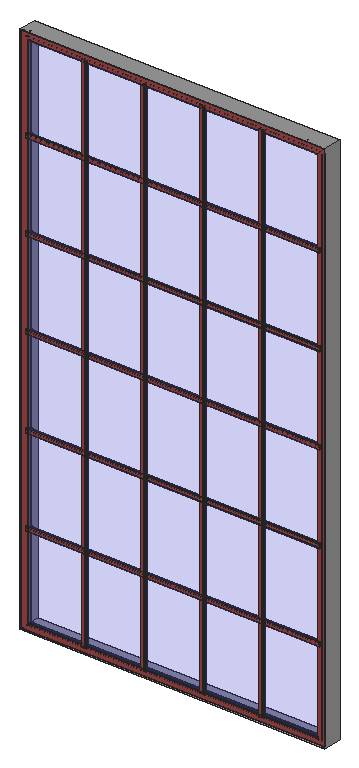
Revit family "SSF type 1,2,3,5 and 6", category Windows, host Wall, Revit 2016
Family settings
  Host = Wall
  OmniClass Number = 23.30.20.00
  OmniClass Title = Windows
  Always vertical = Yes
  Cut with Voids When Loaded = No
  Shared = No
  Room Calculation Point = No
Parameters (values of type "SS type- SSF56")
  Vert bar 4 = 468.359 mm
  Vert bar 3 = 156.12 mm
  Vert bar 2 = 156.12 mm
  Vert bar 1 = 468.359 mm
  Vert GB RT = no
  Vert GB LT = no
  Vert GB 4 = yes
  Vert GB 2 = yes
  Vert GB 1 = yes
  Vert GB 3 = yes
  URL = "www.robmeg.co.za"
  Model = "SSF56"
  Manufacturer = "Robmeg"  # constant formula
  Height = 2842.00 mm
  Glazing bar 6 = no
  Glazing bar 5 = yes
  Glazing bar 4 = yes
  Glazing bar 3 = yes
  Glazing bar 2 = yes
  Glazing bar 1 = yes
  Glazing bar = Steel dipped in Grey oxide
  Glazing 9 = yes
  Glazing 8 = yes
  Glazing 7 = yes
  Glazing 6 = yes
  Glazing 5 = yes
  Glazing 4 = yes
  Glazing 30 = yes
  Glazing 3 = yes
  Glazing 29 = yes
  Glazing 28 = yes
  Glazing 27 = yes
  Glazing 26 = yes
  Glazing 25 = yes
  Glazing 24 = yes
  Glazing 23 = yes
  Glazing 22 = yes
  Glazing 21 = yes
  Glazing 20 = yes
  Glazing 2 = yes
  Glazing 18 = yes
  Glazing 17 = yes
  Glazing 16 = yes
  Glazing 15 = yes
  Glazing 14 = yes
  Glazing 13 = yes
  Glazing 12 = yes
  Glazing 11 = yes
  Glazing 10 = yes
  Glazing 1 = yes
  Glass = Glass
  Glazing 19 = yes
  GB RT = 780.598 mm
  GB LT = 780.598 mm
  GB 6 = 2790.196 mm
  GB 5 = 2322.196 mm
  GB 4 = 1856.196 mm
  GB 3 = 1390.196 mm
  GB 2 = 922.196 mm
  GB 1 = 456.196 mm
  Frame putty = Glazing putty
  Description = "Industrial steel window"
  Default Sill Height = 914.40 mm
  Wall Closure = By host
  Width = 1613.00 mm
Reference planes
  plane 1 "Center (Front/Back)": y = 0
  plane 2: z = 0
  plane 3 "Center (Left/Right)": x = 0
  plane 4 "Left": x = -806.5
  plane 5 "Right": x = 806.5
  plane 6 "Sill": z = 914.4
  plane 7 "Top": z = 3756.4
  plane 8: x = -468.359
  plane 9: x = -156.12
  plane 10: x = 468.359
  plane 11: z = 3263.498
  plane 12: z = 2797.498
  plane 13: z = 2331.498
  plane 14: z = 1863.498
  plane 15: z = 1397.498
  plane 16: x = 156.12
  plane 17: z = 3731.498
  plane 18: x = -780.598
  plane 19: x = 780.598
  plane 20: x = -780.598
  plane 21: x = 780.598
  plane 22: z = 941.302
  plane 23: x = -415.732
  plane 24: z = 1396.498
  plane 25: z = 3730.498
  plane 26: x = -623.598
  plane 27: x = 623.598
  plane 28: z = 3263.498
  plane 29: x = 466.098
  plane 30: x = -152.098
  plane 31: x = 152.098
Forms (mm)
  Sweep 1, solid, material "Steel dipped in Grey oxide"
    path origin (0, 0, 0) x (1, 0, 0) y (0, 0, 1)
      loop
        line (-806.5, 3756.4) -> (-806.5, 914.4) -> (806.5, 914.4) -> (806.5, 3756.4) -> (-806.5, 3756.4)
    profile "Industrial frame : Industrial frame" origin (0, 0, 3756.4) x (0, 0, 1) y (0, -1, 0)
      loop
        arc (-23.402, -13.963) -> (-24.109, -13.67) -> (-24.402, -12.963) r 1
        line (-24.402, -12.963) -> (-24.402, 13.084)
        arc (-24.402, 13.084) -> (-24.126, 13.774) -> (-23.45, 14.083) r 1
        line (-23.45, 14.083) -> (-4.354, 14.992)
        arc (-4.354, 14.992) -> (-3.678, 15.301) -> (-3.402, 15.991) r 1
        line (-3.402, 15.991) -> (-3.402, 17.037)
        arc (-3.402, 17.037) -> (-3.695, 17.745) -> (-4.402, 18.037) r 1
        line (-4.402, 18.037) -> (-37.402, 18.037)
        arc (-37.402, 18.037) -> (-38.109, 17.745) -> (-38.402, 17.037) r 1
        line (-38.402, 17.037) -> (-38.402, 15.951)
        arc (-38.402, 15.951) -> (-38.14, 15.276) -> (-37.493, 14.955) r 1
        line (-37.493, 14.955) -> (-28.311, 14.12)
        arc (-28.311, 14.12) -> (-27.664, 13.799) -> (-27.402, 13.124) r 1
        line (-27.402, 13.124) -> (-27.402, -15.963)
        arc (-27.402, -15.963) -> (-27.109, -16.67) -> (-26.402, -16.963) r 1
        line (-26.402, -16.963) -> (-17.402, -16.963)
        arc (-17.402, -16.963) -> (-16.695, -16.67) -> (-16.402, -15.963) r 1
        line (-16.402, -15.963) -> (-16.402, -14.963)
        arc (-16.402, -14.963) -> (-16.695, -14.255) -> (-17.402, -13.963) r 1
        line (-17.402, -13.963) -> (-23.402, -13.963)
  Sweep 2, solid, material "Plaster"
    path origin (0, 0, 0) x (1, 0, 0) y (0, 0, 1)
      loop
        line (-806.5, 3756.4) -> (-806.5, 914.4) -> (806.5, 914.4) -> (806.5, 3756.4) -> (-806.5, 3756.4)
    profile origin (0, 0, 3756.4) x (0, 0, 1) y (0, -1, 0)
      loop
        line (-3.402, 17.037) -> (-3.402, 15.991)
        arc (-3.402, 15.991) -> (-3.678, 15.301) -> (-4.354, 14.992) r 1
        line (-4.354, 14.992) -> (-23.45, 14.083)
        arc (-23.45, 14.083) -> (-24.126, 13.774) -> (-24.402, 13.084) r 1
        line (-24.402, 13.084) -> (-24.402, -12.963)
        arc (-24.402, -12.963) -> (-24.109, -13.67) -> (-23.402, -13.963) r 1
        line (-23.402, -13.963) -> (-17.402, -13.963)
        arc (-17.402, -13.963) -> (-16.695, -14.255) -> (-16.402, -14.963) r 1
        line (-16.402, -14.963) -> (-16.402, -15.963)
        arc (-16.402, -15.963) -> (-16.695, -16.67) -> (-17.402, -16.924) r 1
        arc (-17.402, -16.924) -> (-16.695, -17.217) -> (-16.402, -17.924) r 1
        line (-16.402, -17.924) -> (-16.402, -76.2) -> (0, -76.2) -> (0, 20.439)
        arc (0, 20.439) -> (-1.338, 18.375) -> (-3.402, 17.037) r 5.89
  Sweep 3, solid, material "Steel dipped in Grey oxide", visible <- "Vert GB 4"
    path origin (0, 0, 0) x (1, 0, 0) y (0, 0, 1)
      loop
        line (-468.359, 3728.998) -> (-468.359, 941.802)
    profile "Industrial GB : Industrial GB" origin (-468.359, 0, 2335.4) x (1, 0, 0) y (0, -1, 0)
      loop
        arc (-1.117, -5.937) -> (-0.775, -6.673) -> (0, -6.913) r 1
        arc (0, -6.913) -> (0.775, -6.673) -> (1.117, -5.937) r 1
        line (1.117, -5.937) -> (1.483, 14.898)
        arc (1.483, 14.898) -> (1.782, 15.594) -> (2.483, 15.88) r 1
        line (2.483, 15.88) -> (11.5, 15.88)
        arc (11.5, 15.88) -> (12.242, 16.21) -> (12.495, 16.98) r 1
        arc (12.495, 16.98) -> (12.242, 17.751) -> (11.5, 18.08) r 1
        line (11.5, 18.08) -> (-11.5, 18.08)
        arc (-11.5, 18.08) -> (-12.242, 17.751) -> (-12.495, 16.98) r 1
        arc (-12.495, 16.98) -> (-12.242, 16.21) -> (-11.5, 15.88) r 1
        line (-11.5, 15.88) -> (-2.483, 15.88)
        arc (-2.483, 15.88) -> (-1.782, 15.594) -> (-1.483, 14.898) r 1
        line (-1.483, 14.898) -> (-1.117, -5.937)
  Sweep 4, solid, material "Steel dipped in Grey oxide", visible <- "Vert GB 3"
    path origin (268.833, 0, 0) x (1, 0, 0) y (0, 0, 1)
      loop
        line (-424.953, 3728.998) -> (-424.953, 941.802)
    profile "Industrial GB : Industrial GB" origin (-156.12, 0, 2335.4) x (1, 0, 0) y (0, -1, 0)
      loop
        arc (-1.117, -5.983) -> (-0.775, -6.719) -> (0, -6.959) r 1
        arc (0, -6.959) -> (0.775, -6.719) -> (1.117, -5.983) r 1
        line (1.117, -5.983) -> (1.483, 14.852)
        arc (1.483, 14.852) -> (1.782, 15.547) -> (2.483, 15.834) r 1
        line (2.483, 15.834) -> (11.5, 15.834)
        arc (11.5, 15.834) -> (12.242, 16.163) -> (12.495, 16.934) r 1
        arc (12.495, 16.934) -> (12.242, 17.705) -> (11.5, 18.034) r 1
        line (11.5, 18.034) -> (-11.5, 18.034)
        arc (-11.5, 18.034) -> (-12.242, 17.705) -> (-12.495, 16.934) r 1
        arc (-12.495, 16.934) -> (-12.242, 16.163) -> (-11.5, 15.834) r 1
        line (-11.5, 15.834) -> (-2.483, 15.834)
        arc (-2.483, 15.834) -> (-1.782, 15.547) -> (-1.483, 14.852) r 1
        line (-1.483, 14.852) -> (-1.117, -5.983)
  Sweep 5, solid, material "Steel dipped in Grey oxide", visible <- "Vert GB 1"
    path origin (806.5, 0, 0) x (1, 0, 0) y (0, 0, 1)
      loop
        line (-338.141, 3728.998) -> (-338.141, 941.802)
    profile "Industrial GB : Industrial GB" origin (468.359, 0, 2335.4) x (1, 0, 0) y (0, -1, 0)
      loop
        arc (-1.117, -5.977) -> (-0.775, -6.713) -> (0, -6.953) r 1
        arc (0, -6.953) -> (0.775, -6.713) -> (1.117, -5.977) r 1
        line (1.117, -5.977) -> (1.483, 14.858)
        arc (1.483, 14.858) -> (1.782, 15.554) -> (2.483, 15.841) r 1
        line (2.483, 15.841) -> (11.5, 15.841)
        arc (11.5, 15.841) -> (12.242, 16.17) -> (12.495, 16.941) r 1
        arc (12.495, 16.941) -> (12.242, 17.711) -> (11.5, 18.041) r 1
        line (11.5, 18.041) -> (-11.5, 18.041)
        arc (-11.5, 18.041) -> (-12.242, 17.711) -> (-12.495, 16.941) r 1
        arc (-12.495, 16.941) -> (-12.242, 16.17) -> (-11.5, 15.841) r 1
        line (-11.5, 15.841) -> (-2.483, 15.841)
        arc (-2.483, 15.841) -> (-1.782, 15.554) -> (-1.483, 14.858) r 1
        line (-1.483, 14.858) -> (-1.117, -5.977)
  Sweep 6, solid, material "Steel dipped in Grey oxide", visible <- "Glazing bar 5"
    path origin (0, 0, 0) x (1, 0, 0) y (0, 0, 1)
      loop
        line (779.098, 3263.498) -> (-779.098, 3263.498)
    profile "Industrial GB : Industrial GB" origin (0, 0, 3263.498) x (0, 0, -1) y (0, -1, 0)
      loop
        arc (-1.117, -5.934) -> (-0.775, -6.67) -> (0, -6.91) r 1
        arc (0, -6.91) -> (0.775, -6.67) -> (1.117, -5.934) r 1
        line (1.117, -5.934) -> (1.483, 14.901)
        arc (1.483, 14.901) -> (1.782, 15.596) -> (2.483, 15.883) r 1
        line (2.483, 15.883) -> (11.5, 15.883)
        arc (11.5, 15.883) -> (12.242, 16.212) -> (12.495, 16.983) r 1
        arc (12.495, 16.983) -> (12.242, 17.754) -> (11.5, 18.083) r 1
        line (11.5, 18.083) -> (-11.5, 18.083)
        arc (-11.5, 18.083) -> (-12.242, 17.754) -> (-12.495, 16.983) r 1
        arc (-12.495, 16.983) -> (-12.242, 16.212) -> (-11.5, 15.883) r 1
        line (-11.5, 15.883) -> (-2.483, 15.883)
        arc (-2.483, 15.883) -> (-1.782, 15.596) -> (-1.483, 14.901) r 1
        line (-1.483, 14.901) -> (-1.117, -5.934)
  Sweep 7, solid, material "Steel dipped in Grey oxide", visible <- "Glazing bar 4"
    path origin (0, 0, -400) x (1, 0, 0) y (0, 0, 1)
      loop
        line (779.098, 3197.498) -> (-779.098, 3197.498)
    profile "Industrial GB : Industrial GB" origin (0, 0, 2797.498) x (0, 0, -1) y (0, -1, 0)
      loop
        arc (-1.117, -5.934) -> (-0.775, -6.67) -> (0, -6.91) r 1
        arc (0, -6.91) -> (0.775, -6.67) -> (1.117, -5.934) r 1
        line (1.117, -5.934) -> (1.483, 14.901)
        arc (1.483, 14.901) -> (1.782, 15.596) -> (2.483, 15.883) r 1
        line (2.483, 15.883) -> (11.5, 15.883)
        arc (11.5, 15.883) -> (12.242, 16.212) -> (12.495, 16.983) r 1
        arc (12.495, 16.983) -> (12.242, 17.754) -> (11.5, 18.083) r 1
        line (11.5, 18.083) -> (-11.5, 18.083)
        arc (-11.5, 18.083) -> (-12.242, 17.754) -> (-12.495, 16.983) r 1
        arc (-12.495, 16.983) -> (-12.242, 16.212) -> (-11.5, 15.883) r 1
        line (-11.5, 15.883) -> (-2.483, 15.883)
        arc (-2.483, 15.883) -> (-1.782, 15.596) -> (-1.483, 14.901) r 1
        line (-1.483, 14.901) -> (-1.117, -5.934)
  Sweep 8, solid, material "Steel dipped in Grey oxide", visible <- "Glazing bar 3"
    path origin (0, 0, -800) x (1, 0, 0) y (0, 0, 1)
      loop
        line (779.098, 3131.498) -> (-779.098, 3131.498)
    profile "Industrial GB : Industrial GB" origin (0, 0, 2331.498) x (0, 0, -1) y (0, -1, 0)
      loop
        arc (-1.117, -5.934) -> (-0.775, -6.67) -> (0, -6.91) r 1
        arc (0, -6.91) -> (0.775, -6.67) -> (1.117, -5.934) r 1
        line (1.117, -5.934) -> (1.483, 14.901)
        arc (1.483, 14.901) -> (1.782, 15.596) -> (2.483, 15.883) r 1
        line (2.483, 15.883) -> (11.5, 15.883)
        arc (11.5, 15.883) -> (12.242, 16.212) -> (12.495, 16.983) r 1
        arc (12.495, 16.983) -> (12.242, 17.754) -> (11.5, 18.083) r 1
        line (11.5, 18.083) -> (-11.5, 18.083)
        arc (-11.5, 18.083) -> (-12.242, 17.754) -> (-12.495, 16.983) r 1
        arc (-12.495, 16.983) -> (-12.242, 16.212) -> (-11.5, 15.883) r 1
        line (-11.5, 15.883) -> (-2.483, 15.883)
        arc (-2.483, 15.883) -> (-1.782, 15.596) -> (-1.483, 14.901) r 1
        line (-1.483, 14.901) -> (-1.117, -5.934)
  Sweep 9, solid, material "Steel dipped in Grey oxide", visible <- "Glazing bar 2"
    path origin (0, 0, -1300) x (1, 0, 0) y (0, 0, 1)
      loop
        line (779.098, 3163.498) -> (-779.098, 3163.498)
    profile "Industrial GB : Industrial GB" origin (0, 0, 1863.498) x (0, 0, -1) y (0, -1, 0)
      loop
        arc (-1.117, -5.934) -> (-0.775, -6.67) -> (0, -6.91) r 1
        arc (0, -6.91) -> (0.775, -6.67) -> (1.117, -5.934) r 1
        line (1.117, -5.934) -> (1.483, 14.901)
        arc (1.483, 14.901) -> (1.782, 15.596) -> (2.483, 15.883) r 1
        line (2.483, 15.883) -> (11.5, 15.883)
        arc (11.5, 15.883) -> (12.242, 16.212) -> (12.495, 16.983) r 1
        arc (12.495, 16.983) -> (12.242, 17.754) -> (11.5, 18.083) r 1
        line (11.5, 18.083) -> (-11.5, 18.083)
        arc (-11.5, 18.083) -> (-12.242, 17.754) -> (-12.495, 16.983) r 1
        arc (-12.495, 16.983) -> (-12.242, 16.212) -> (-11.5, 15.883) r 1
        line (-11.5, 15.883) -> (-2.483, 15.883)
        arc (-2.483, 15.883) -> (-1.782, 15.596) -> (-1.483, 14.901) r 1
        line (-1.483, 14.901) -> (-1.117, -5.934)
  Sweep 10, solid, material "Steel dipped in Grey oxide", visible <- "Glazing bar 1"
    path origin (0, 0, -1800) x (1, 0, 0) y (0, 0, 1)
      loop
        line (779.098, 3197.498) -> (-779.098, 3197.498)
    profile "Industrial GB : Industrial GB" origin (0, 0, 1397.498) x (0, 0, -1) y (0, -1, 0)
      loop
        arc (-1.117, -5.919) -> (-0.775, -6.655) -> (0, -6.895) r 1
        arc (0, -6.895) -> (0.775, -6.655) -> (1.117, -5.919) r 1
        line (1.117, -5.919) -> (1.483, 14.916)
        arc (1.483, 14.916) -> (1.782, 15.612) -> (2.483, 15.898) r 1
        line (2.483, 15.898) -> (11.5, 15.898)
        arc (11.5, 15.898) -> (12.242, 16.227) -> (12.495, 16.998) r 1
        arc (12.495, 16.998) -> (12.242, 17.769) -> (11.5, 18.098) r 1
        line (11.5, 18.098) -> (-11.5, 18.098)
        arc (-11.5, 18.098) -> (-12.242, 17.769) -> (-12.495, 16.998) r 1
        arc (-12.495, 16.998) -> (-12.242, 16.227) -> (-11.5, 15.898) r 1
        line (-11.5, 15.898) -> (-2.483, 15.898)
        arc (-2.483, 15.898) -> (-1.782, 15.612) -> (-1.483, 14.916) r 1
        line (-1.483, 14.916) -> (-1.117, -5.919)
  Sweep 11, solid, material "Steel dipped in Grey oxide", visible <- "Vert GB 2"
    path origin (516.722, 0, -77.646) x (1, 0, 0) y (0, 0, 1)
      loop
        line (-360.603, 3806.644) -> (-360.603, 1019.448)
    profile "Industrial GB : Industrial GB" origin (156.12, 0, 2335.4) x (1, 0, 0) y (0, -1, 0)
      loop
        arc (-1.117, -5.978) -> (-0.775, -6.714) -> (0, -6.954) r 1
        arc (0, -6.954) -> (0.775, -6.714) -> (1.117, -5.978) r 1
        line (1.117, -5.978) -> (1.483, 14.857)
        arc (1.483, 14.857) -> (1.782, 15.553) -> (2.483, 15.839) r 1
        line (2.483, 15.839) -> (11.5, 15.839)
        arc (11.5, 15.839) -> (12.242, 16.169) -> (12.495, 16.939) r 1
        arc (12.495, 16.939) -> (12.242, 17.71) -> (11.5, 18.039) r 1
        line (11.5, 18.039) -> (-11.5, 18.039)
        arc (-11.5, 18.039) -> (-12.242, 17.71) -> (-12.495, 16.939) r 1
        arc (-12.495, 16.939) -> (-12.242, 16.169) -> (-11.5, 15.839) r 1
        line (-11.5, 15.839) -> (-2.483, 15.839)
        arc (-2.483, 15.839) -> (-1.782, 15.553) -> (-1.483, 14.857) r 1
        line (-1.483, 14.857) -> (-1.117, -5.978)
  Sweep 12, solid, material "Glazing putty", visible <- "Glazing bar 5"
    path origin (0, 0, 0) x (1, 0, 0) y (0, 0, 1)
      loop
        line (779.098, 3263.498) -> (-779.098, 3263.498)
    profile "Industrial GB putty : Industrial GB putty" origin (0, 0, 3263.498) x (0, 0, -1) y (0, -1, 0)
      loop
        arc (2.483, 15.883) -> (1.782, 15.596) -> (1.483, 14.901) r 1
        line (1.483, 14.901) -> (1.117, -5.934) -> (11.5, 9.083) -> (3, 9.083) -> (3, 13.083) -> (11.5, 13.083) -> (11.5, 15.883) -> (2.483, 15.883)
      loop
        line (-2.483, 15.883) -> (-11.5, 15.883) -> (-11.5, 13.083) -> (-3, 13.083) -> (-3, 9.083) -> (-11.5, 9.083) -> (-1.117, -5.934) -> (-1.483, 14.901)
        arc (-1.483, 14.901) -> (-1.782, 15.596) -> (-2.483, 15.883) r 1
  Sweep 13, solid, material "Glazing putty", visible <- "Glazing bar 4"
    path origin (0, 0, -473.667) x (1, 0, 0) y (0, 0, 1)
      loop
        line (779.098, 3271.165) -> (-779.098, 3271.165)
    profile "Industrial GB putty : Industrial GB putty" origin (0, 0, 2797.498) x (0, 0, -1) y (0, -1, 0)
      loop
        arc (2.483, 15.883) -> (1.782, 15.596) -> (1.483, 14.901) r 1
        line (1.483, 14.901) -> (1.117, -5.934) -> (11.5, 9.083) -> (3, 9.083) -> (3, 13.083) -> (11.5, 13.083) -> (11.5, 15.883) -> (2.483, 15.883)
      loop
        line (-2.483, 15.883) -> (-11.5, 15.883) -> (-11.5, 13.083) -> (-3, 13.083) -> (-3, 9.083) -> (-11.5, 9.083) -> (-1.117, -5.934) -> (-1.483, 14.901)
        arc (-1.483, 14.901) -> (-1.782, 15.596) -> (-2.483, 15.883) r 1
  Sweep 14, solid, material "Glazing putty", visible <- "Glazing bar 3"
    path origin (0, 0, -947.333) x (1, 0, 0) y (0, 0, 1)
      loop
        line (779.098, 3278.831) -> (-779.098, 3278.831)
    profile "Industrial GB putty : Industrial GB putty" origin (0, 0, 2331.498) x (0, 0, -1) y (0, -1, 0)
      loop
        arc (2.483, 15.883) -> (1.782, 15.596) -> (1.483, 14.901) r 1
        line (1.483, 14.901) -> (1.117, -5.934) -> (11.5, 9.083) -> (3, 9.083) -> (3, 13.083) -> (11.5, 13.083) -> (11.5, 15.883) -> (2.483, 15.883)
      loop
        line (-2.483, 15.883) -> (-11.5, 15.883) -> (-11.5, 13.083) -> (-3, 13.083) -> (-3, 9.083) -> (-11.5, 9.083) -> (-1.117, -5.934) -> (-1.483, 14.901)
        arc (-1.483, 14.901) -> (-1.782, 15.596) -> (-2.483, 15.883) r 1
  Sweep 15, solid, material "Glazing putty", visible <- "Glazing bar 2"
    path origin (0, 0, -1421) x (1, 0, 0) y (0, 0, 1)
      loop
        line (779.098, 3284.498) -> (-779.098, 3284.498)
    profile "Industrial GB putty : Industrial GB putty" origin (0, 0, 1863.498) x (0, 0, -1) y (0, -1, 0)
      loop
        arc (2.483, 15.883) -> (1.782, 15.596) -> (1.483, 14.901) r 1
        line (1.483, 14.901) -> (1.117, -5.934) -> (11.5, 9.083) -> (3, 9.083) -> (3, 13.083) -> (11.5, 13.083) -> (11.5, 15.883) -> (2.483, 15.883)
      loop
        line (-2.483, 15.883) -> (-11.5, 15.883) -> (-11.5, 13.083) -> (-3, 13.083) -> (-3, 9.083) -> (-11.5, 9.083) -> (-1.117, -5.934) -> (-1.483, 14.901)
        arc (-1.483, 14.901) -> (-1.782, 15.596) -> (-2.483, 15.883) r 1
  Sweep 16, solid, material "Glazing putty", visible <- "Glazing bar 1"
    path origin (0, 0, -1894.667) x (1, 0, 0) y (0, 0, 1)
      loop
        line (779.098, 3292.165) -> (-779.098, 3292.165)
    profile "Industrial GB putty : Industrial GB putty" origin (0, 0, 1397.498) x (0, 0, -1) y (0, -1, 0)
      loop
        arc (2.483, 15.898) -> (1.782, 15.612) -> (1.483, 14.916) r 1
        line (1.483, 14.916) -> (1.117, -5.919) -> (11.5, 9.098) -> (3, 9.098) -> (3, 13.098) -> (11.5, 13.098) -> (11.5, 15.898) -> (2.483, 15.898)
      loop
        line (-2.483, 15.898) -> (-11.5, 15.898) -> (-11.5, 13.098) -> (-3, 13.098) -> (-3, 9.098) -> (-11.5, 9.098) -> (-1.117, -5.919) -> (-1.483, 14.916)
        arc (-1.483, 14.916) -> (-1.782, 15.612) -> (-2.483, 15.898) r 1
  Sweep 17, solid, material "Steel dipped in Grey oxide", visible <- "Glazing bar 6"
    path origin (0, 0, 300) x (1, 0, 0) y (0, 0, 1)
      loop
        line (779.098, 3431.498) -> (-779.098, 3431.498)
    profile "Industrial GB : Industrial GB" origin (0, 0, 3731.498) x (0, 0, -1) y (0, -1, 0)
      loop
        arc (-1.117, -5.934) -> (-0.775, -6.67) -> (0, -6.91) r 1
        arc (0, -6.91) -> (0.775, -6.67) -> (1.117, -5.934) r 1
        line (1.117, -5.934) -> (1.483, 14.901)
        arc (1.483, 14.901) -> (1.782, 15.596) -> (2.483, 15.883) r 1
        line (2.483, 15.883) -> (11.5, 15.883)
        arc (11.5, 15.883) -> (12.242, 16.212) -> (12.495, 16.983) r 1
        arc (12.495, 16.983) -> (12.242, 17.754) -> (11.5, 18.083) r 1
        line (11.5, 18.083) -> (-11.5, 18.083)
        arc (-11.5, 18.083) -> (-12.242, 17.754) -> (-12.495, 16.983) r 1
        arc (-12.495, 16.983) -> (-12.242, 16.212) -> (-11.5, 15.883) r 1
        line (-11.5, 15.883) -> (-2.483, 15.883)
        arc (-2.483, 15.883) -> (-1.782, 15.596) -> (-1.483, 14.901) r 1
        line (-1.483, 14.901) -> (-1.117, -5.934)
  Sweep 18, solid, material "Glazing putty", visible <- "Glazing bar 6"
    path origin (0, 0, 300) x (1, 0, 0) y (0, 0, 1)
      loop
        line (779.098, 3431.498) -> (-779.098, 3431.498)
    profile "Industrial GB putty : Industrial GB putty" origin (0, 0, 3731.498) x (0, 0, -1) y (0, -1, 0)
      loop
        arc (2.483, 15.883) -> (1.782, 15.596) -> (1.483, 14.901) r 1
        line (1.483, 14.901) -> (1.117, -5.934) -> (11.5, 9.083) -> (3, 9.083) -> (3, 13.083) -> (11.5, 13.083) -> (11.5, 15.883) -> (2.483, 15.883)
      loop
        line (-2.483, 15.883) -> (-11.5, 15.883) -> (-11.5, 13.083) -> (-3, 13.083) -> (-3, 9.083) -> (-11.5, 9.083) -> (-1.117, -5.934) -> (-1.483, 14.901)
        arc (-1.483, 14.901) -> (-1.782, 15.596) -> (-2.483, 15.883) r 1
  Sweep 19, solid, material "Steel dipped in Grey oxide" <- "Glazing bar", visible <- "Vert GB LT"
    path origin (-220, 0, 0) x (1, 0, 0) y (0, 0, 1)
      loop
        line (-560.598, 3728.998) -> (-560.598, 941.802)
    profile "Industrial GB : Industrial GB" origin (-780.598, 0, 2335.4) x (1, 0, 0) y (0, -1, 0)
      loop
        arc (-1.117, -5.937) -> (-0.775, -6.673) -> (0, -6.913) r 1
        arc (0, -6.913) -> (0.775, -6.673) -> (1.117, -5.937) r 1
        line (1.117, -5.937) -> (1.483, 14.898)
        arc (1.483, 14.898) -> (1.782, 15.594) -> (2.483, 15.88) r 1
        line (2.483, 15.88) -> (11.5, 15.88)
        arc (11.5, 15.88) -> (12.242, 16.21) -> (12.495, 16.98) r 1
        arc (12.495, 16.98) -> (12.242, 17.751) -> (11.5, 18.08) r 1
        line (11.5, 18.08) -> (-11.5, 18.08)
        arc (-11.5, 18.08) -> (-12.242, 17.751) -> (-12.495, 16.98) r 1
        arc (-12.495, 16.98) -> (-12.242, 16.21) -> (-11.5, 15.88) r 1
        line (-11.5, 15.88) -> (-2.483, 15.88)
        arc (-2.483, 15.88) -> (-1.782, 15.594) -> (-1.483, 14.898) r 1
        line (-1.483, 14.898) -> (-1.117, -5.937)
  Sweep 20, solid, material "Steel dipped in Grey oxide", visible <- "Vert GB RT"
    path origin (926.5, 0, 0) x (1, 0, 0) y (0, 0, 1)
      loop
        line (-145.902, 3728.998) -> (-145.902, 941.802)
    profile "Industrial GB : Industrial GB" origin (780.598, 0, 2335.4) x (1, 0, 0) y (0, -1, 0)
      loop
        arc (-1.117, -5.977) -> (-0.775, -6.713) -> (0, -6.953) r 1
        arc (0, -6.953) -> (0.775, -6.713) -> (1.117, -5.977) r 1
        line (1.117, -5.977) -> (1.483, 14.858)
        arc (1.483, 14.858) -> (1.782, 15.554) -> (2.483, 15.841) r 1
        line (2.483, 15.841) -> (11.5, 15.841)
        arc (11.5, 15.841) -> (12.242, 16.17) -> (12.495, 16.941) r 1
        arc (12.495, 16.941) -> (12.242, 17.711) -> (11.5, 18.041) r 1
        line (11.5, 18.041) -> (-11.5, 18.041)
        arc (-11.5, 18.041) -> (-12.242, 17.711) -> (-12.495, 16.941) r 1
        arc (-12.495, 16.941) -> (-12.242, 16.17) -> (-11.5, 15.841) r 1
        line (-11.5, 15.841) -> (-2.483, 15.841)
        arc (-2.483, 15.841) -> (-1.782, 15.554) -> (-1.483, 14.858) r 1
        line (-1.483, 14.858) -> (-1.117, -5.977)
  Sweep 21, solid, material "Glazing putty" <- "Frame putty"
    path origin (0, 0, 0) x (1, 0, 0) y (0, 0, 1)
      loop
        line (806.5, 3756.4) -> (-806.5, 3756.4) -> (-806.5, 914.4) -> (806.5, 914.4) -> (806.5, 3756.4)
    profile origin (0, 0, 3756.4) x (0, 0, -1) y (0, -1, 0)
      loop
        line (28.902, 13.128) -> (37.493, 13.128) -> (37.493, 14.955) -> (28.311, 14.12)
        arc (28.311, 14.12) -> (27.664, 13.799) -> (27.402, 13.124) r 1
        line (27.402, 13.124) -> (27.402, -15.963) -> (37.493, 9.128) -> (28.902, 9.128) -> (28.902, 13.128)
  Sweep 22, solid, material "Glazing putty" <- "Frame putty", visible <- "Vert GB LT"
    path origin (0, 0, 0) x (1, 0, 0) y (0, 0, 1)
      loop
        line (-780.598, 941.802) -> (-780.598, 3728.998)
    profile "Industrial GB putty : Industrial GB putty" origin (-780.598, 0, 2335.4) x (-1, 0, 0) y (0, -1, 0)
      loop
        arc (2.483, 15.88) -> (1.782, 15.594) -> (1.483, 14.898) r 1
        line (1.483, 14.898) -> (1.117, -5.937) -> (11.5, 9.08) -> (3, 9.08) -> (3, 13.08) -> (11.5, 13.08) -> (11.5, 15.88) -> (2.483, 15.88)
      loop
        line (-2.483, 15.88) -> (-11.5, 15.88) -> (-11.5, 13.08) -> (-3, 13.08) -> (-3, 9.08) -> (-11.5, 9.08) -> (-1.117, -5.937) -> (-1.483, 14.898)
        arc (-1.483, 14.898) -> (-1.782, 15.594) -> (-2.483, 15.88) r 1
  Sweep 23, solid, material "Glazing putty", visible <- "Vert GB 4"
    path origin (220, 0, 0) x (1, 0, 0) y (0, 0, 1)
      loop
        line (-688.359, 941.802) -> (-688.359, 3728.998)
    profile "Industrial GB putty : Industrial GB putty" origin (-468.359, 0, 2335.4) x (-1, 0, 0) y (0, -1, 0)
      loop
        arc (2.483, 15.88) -> (1.782, 15.594) -> (1.483, 14.898) r 1
        line (1.483, 14.898) -> (1.117, -5.937) -> (11.5, 9.08) -> (3, 9.08) -> (3, 13.08) -> (11.5, 13.08) -> (11.5, 15.88) -> (2.483, 15.88)
      loop
        line (-2.483, 15.88) -> (-11.5, 15.88) -> (-11.5, 13.08) -> (-3, 13.08) -> (-3, 9.08) -> (-11.5, 9.08) -> (-1.117, -5.937) -> (-1.483, 14.898)
        arc (-1.483, 14.898) -> (-1.782, 15.594) -> (-2.483, 15.88) r 1
  Sweep 24, solid, material "Glazing putty", visible <- "Vert GB 3"
    path origin (542.6, 0, 0) x (1, 0, 0) y (0, 0, 1)
      loop
        line (-698.72, 941.802) -> (-698.72, 3728.998)
    profile "Industrial GB putty : Industrial GB putty" origin (-156.12, 0, 2335.4) x (-1, 0, 0) y (0, -1, 0)
      loop
        arc (2.483, 15.88) -> (1.782, 15.594) -> (1.483, 14.898) r 1
        line (1.483, 14.898) -> (1.117, -5.937) -> (11.5, 9.08) -> (3, 9.08) -> (3, 13.08) -> (11.5, 13.08) -> (11.5, 15.88) -> (2.483, 15.88)
      loop
        line (-2.483, 15.88) -> (-11.5, 15.88) -> (-11.5, 13.08) -> (-3, 13.08) -> (-3, 9.08) -> (-11.5, 9.08) -> (-1.117, -5.937) -> (-1.483, 14.898)
        arc (-1.483, 14.898) -> (-1.782, 15.594) -> (-2.483, 15.88) r 1
  Sweep 25, solid, material "Glazing putty", visible <- "Vert GB 2"
    path origin (865.2, 0, 0) x (1, 0, 0) y (0, 0, 1)
      loop
        line (-709.08, 941.802) -> (-709.08, 3728.998)
    profile "Industrial GB putty : Industrial GB putty" origin (156.12, 0, 2335.4) x (-1, 0, 0) y (0, -1, 0)
      loop
        arc (2.483, 15.88) -> (1.782, 15.594) -> (1.483, 14.898) r 1
        line (1.483, 14.898) -> (1.117, -5.937) -> (11.5, 9.08) -> (3, 9.08) -> (3, 13.08) -> (11.5, 13.08) -> (11.5, 15.88) -> (2.483, 15.88)
      loop
        line (-2.483, 15.88) -> (-11.5, 15.88) -> (-11.5, 13.08) -> (-3, 13.08) -> (-3, 9.08) -> (-11.5, 9.08) -> (-1.117, -5.937) -> (-1.483, 14.898)
        arc (-1.483, 14.898) -> (-1.782, 15.594) -> (-2.483, 15.88) r 1
  Sweep 26, solid, material "Glazing putty", visible <- "Vert GB 1"
    path origin (1187.8, 0, 0) x (1, 0, 0) y (0, 0, 1)
      loop
        line (-719.441, 941.802) -> (-719.441, 3728.998)
    profile "Industrial GB putty : Industrial GB putty" origin (468.359, 0, 2335.4) x (-1, 0, 0) y (0, -1, 0)
      loop
        arc (2.483, 15.88) -> (1.782, 15.594) -> (1.483, 14.898) r 1
        line (1.483, 14.898) -> (1.117, -5.937) -> (11.5, 9.08) -> (3, 9.08) -> (3, 13.08) -> (11.5, 13.08) -> (11.5, 15.88) -> (2.483, 15.88)
      loop
        line (-2.483, 15.88) -> (-11.5, 15.88) -> (-11.5, 13.08) -> (-3, 13.08) -> (-3, 9.08) -> (-11.5, 9.08) -> (-1.117, -5.937) -> (-1.483, 14.898)
        arc (-1.483, 14.898) -> (-1.782, 15.594) -> (-2.483, 15.88) r 1
  Sweep 27, solid, material "Glazing putty", visible <- "Vert GB RT"
    path origin (1307.8, 0, 0) x (1, 0, 0) y (0, 0, 1)
      loop
        line (-527.202, 941.802) -> (-527.202, 3728.998)
    profile "Industrial GB putty : Industrial GB putty" origin (780.598, 0, 2335.4) x (-1, 0, 0) y (0, -1, 0)
      loop
        arc (2.483, 15.88) -> (1.782, 15.594) -> (1.483, 14.898) r 1
        line (1.483, 14.898) -> (1.117, -5.937) -> (11.5, 9.08) -> (3, 9.08) -> (3, 13.08) -> (11.5, 13.08) -> (11.5, 15.88) -> (2.483, 15.88)
      loop
        line (-2.483, 15.88) -> (-11.5, 15.88) -> (-11.5, 13.08) -> (-3, 13.08) -> (-3, 9.08) -> (-11.5, 9.08) -> (-1.117, -5.937) -> (-1.483, 14.898)
        arc (-1.483, 14.898) -> (-1.782, 15.594) -> (-2.483, 15.88) r 1
  Extrusion 28, solid, material "Glass" <- "Glass", visible <- "Glazing 5"
    sketch origin (779.098, -13.098, 1385.998) x (-1, 0, 0) y (0, 0, 1)
      loop
        line (307.739, 8.5) -> (1.5, 8.5) -> (1.5, -442.696) -> (307.739, -442.696) -> (307.739, 8.5)
    from 0 to 4
  Extrusion 29, solid, material "Glass" <- "Glass", visible <- "Glazing 4"
    sketch origin (159.12, -13.08, 941.802) x (0, 0, 1) y (1, 0, 0)
      loop
        line (452.696, 0) -> (452.696, 306.239) -> (1.5, 306.239) -> (1.5, 0) -> (452.696, 0)
    from 0 to 4
  Extrusion 30, solid, material "Glass" <- "Glass", visible <- "Glazing 3"
    sketch origin (-153.12, -13.08, 941.802) x (0, 0, 1) y (1, 0, 0)
      loop
        line (452.696, 0) -> (452.696, 306.239) -> (1.5, 306.239) -> (1.5, 0) -> (452.696, 0)
    from 0 to 4
  Extrusion 31, solid, material "Glass" <- "Glass", visible <- "Glazing 2"
    sketch origin (-465.359, -13.08, 941.802) x (0, 0, 1) y (1, 0, 0)
      loop
        line (452.696, 0) -> (452.696, 306.239) -> (1.5, 306.239) -> (1.5, 0) -> (452.696, 0)
    from 0 to 4
  Extrusion 32, solid, material "Glass" <- "Glass", visible <- "Glazing 1"
    sketch origin (-777.598, -13.08, 941.802) x (0, 0, 1) y (1, 0, 0)
      loop
        line (452.696, 0) -> (452.696, 306.239) -> (1.5, 306.239) -> (1.5, 0) -> (452.696, 0)
    from 0 to 4
  Extrusion 33, solid, material "Glass" <- "Glass", visible <- "Glazing 10"
    sketch origin (779.098, -13.098, 1833.763) x (-1, 0, 0) y (0, 0, 1)
      loop
        line (307.739, 26.735) -> (1.5, 26.735) -> (1.5, -433.265) -> (307.739, -433.265) -> (307.739, 26.735)
    from 0 to 4
  Extrusion 34, solid, material "Glass" <- "Glass", visible <- "Glazing 9"
    sketch origin (159.12, -13.08, 941.802) x (0, 0, 1) y (1, 0, 0)
      loop
        line (918.696, 0) -> (918.696, 306.239) -> (458.696, 306.239) -> (458.696, 0) -> (918.696, 0)
    from 0 to 4
  Extrusion 35, solid, material "Glass" <- "Glass", visible <- "Glazing 8"
    sketch origin (779.098, -13.098, 1400.498) x (-1, 0, 0) y (0, 0, 1)
      loop
        line (932.218, 460) -> (625.978, 460) -> (625.978, 0) -> (932.218, 0) -> (932.218, 460)
    from 0 to 4
  Extrusion 36, solid, material "Glass" <- "Glass", visible <- "Glazing 7"
    sketch origin (-465.359, -13.08, 941.802) x (0, 0, 1) y (1, 0, 0)
      loop
        line (918.696, 0) -> (918.696, 306.239) -> (458.696, 306.239) -> (458.696, 0) -> (918.696, 0)
    from 0 to 4
  Extrusion 37, solid, material "Glass" <- "Glass", visible <- "Glazing 6"
    sketch origin (779.098, -13.098, 1400.498) x (-1, 0, 0) y (0, 0, 1)
      loop
        line (1556.696, 460) -> (1250.457, 460) -> (1250.457, 0) -> (1556.696, 0) -> (1556.696, 460)
    from 0 to 4
  Extrusion 38, solid, material "Glass" <- "Glass", visible <- "Glazing 11"
    sketch origin (-777.598, -13.08, 941.802) x (0, 0, 1) y (1, 0, 0)
      loop
        line (1386.696, 0) -> (1386.696, 306.239) -> (924.696, 306.239) -> (924.696, 0) -> (1386.696, 0)
    from 0 to 4
  Extrusion 39, solid, material "Glass" <- "Glass", visible <- "Glazing 12"
    sketch origin (-465.359, -13.08, 941.802) x (0, 0, 1) y (1, 0, 0)
      loop
        line (1386.696, 0) -> (1386.696, 306.239) -> (924.696, 306.239) -> (924.696, 0) -> (1386.696, 0)
    from 0 to 4
  Extrusion 40, solid, material "Glass" <- "Glass", visible <- "Glazing 13"
    sketch origin (-153.12, -13.08, 941.802) x (0, 0, 1) y (1, 0, 0)
      loop
        line (1386.696, 0) -> (1386.696, 306.239) -> (924.696, 306.239) -> (924.696, 0) -> (1386.696, 0)
    from 0 to 4
  Extrusion 41, solid, material "Glass" <- "Glass", visible <- "Glazing 14"
    sketch origin (159.12, -13.08, 941.802) x (0, 0, 1) y (1, 0, 0)
      loop
        line (1386.696, 0) -> (1386.696, 306.239) -> (924.696, 306.239) -> (924.696, 0) -> (1386.696, 0)
    from 0 to 4
  Extrusion 42, solid, material "Glass" <- "Glass", visible <- "Glazing 15"
    sketch origin (471.359, -13.08, 941.802) x (0, 0, 1) y (1, 0, 0)
      loop
        line (1386.696, 0) -> (1386.696, 306.239) -> (924.696, 306.239) -> (924.696, 0) -> (1386.696, 0)
    from 0 to 4
  Extrusion 43, solid, material "Glass" <- "Glass", visible <- "Glazing 20"
    sketch origin (471.359, -13.08, 941.802) x (0, 0, 1) y (1, 0, 0)
      loop
        line (1852.696, 0) -> (1852.696, 306.239) -> (1392.696, 306.239) -> (1392.696, 0) -> (1852.696, 0)
    from 0 to 4
  Extrusion 44, solid, material "Glass" <- "Glass", visible <- "Glazing 19"
    sketch origin (159.12, -13.08, 941.802) x (0, 0, 1) y (1, 0, 0)
      loop
        line (1852.696, 0) -> (1852.696, 306.239) -> (1392.696, 306.239) -> (1392.696, 0) -> (1852.696, 0)
    from 0 to 4
  Extrusion 45, solid, material "Glass" <- "Glass", visible <- "Glazing 18"
    sketch origin (-153.12, -13.08, 941.802) x (0, 0, 1) y (1, 0, 0)
      loop
        line (1852.696, 0) -> (1852.696, 306.239) -> (1392.696, 306.239) -> (1392.696, 0) -> (1852.696, 0)
    from 0 to 4
  Extrusion 46, solid, material "Glass" <- "Glass", visible <- "Glazing 17"
    sketch origin (-465.359, -13.08, 941.802) x (0, 0, 1) y (1, 0, 0)
      loop
        line (1852.696, 0) -> (1852.696, 306.239) -> (1392.696, 306.239) -> (1392.696, 0) -> (1852.696, 0)
    from 0 to 4
  Extrusion 47, solid, material "Glass" <- "Glass", visible <- "Glazing 16"
    sketch origin (-777.598, -13.08, 941.802) x (0, 0, 1) y (1, 0, 0)
      loop
        line (1852.696, 0) -> (1852.696, 306.239) -> (1392.696, 306.239) -> (1392.696, 0) -> (1852.696, 0)
    from 0 to 4
  Extrusion 48, solid, material "Glass" <- "Glass", visible <- "Glazing 21"
    sketch origin (-777.598, -13.08, 941.802) x (0, 0, 1) y (1, 0, 0)
      loop
        line (2318.696, 0) -> (2318.696, 306.239) -> (1858.696, 306.239) -> (1858.696, 0) -> (2318.696, 0)
    from 0 to 4
  Extrusion 49, solid, material "Glass" <- "Glass", visible <- "Glazing 22"
    sketch origin (-465.359, -13.08, 941.802) x (0, 0, 1) y (1, 0, 0)
      loop
        line (2318.696, 0) -> (2318.696, 306.239) -> (1858.696, 306.239) -> (1858.696, 0) -> (2318.696, 0)
    from 0 to 4
  Extrusion 50, solid, material "Glass" <- "Glass", visible <- "Glazing 23"
    sketch origin (-153.12, -13.08, 941.802) x (0, 0, 1) y (1, 0, 0)
      loop
        line (2318.696, 0) -> (2318.696, 306.239) -> (1858.696, 306.239) -> (1858.696, 0) -> (2318.696, 0)
    from 0 to 4
  Extrusion 51, solid, material "Glass" <- "Glass", visible <- "Glazing 24"
    sketch origin (159.12, -13.08, 941.802) x (0, 0, 1) y (1, 0, 0)
      loop
        line (2318.696, 0) -> (2318.696, 306.239) -> (1858.696, 306.239) -> (1858.696, 0) -> (2318.696, 0)
    from 0 to 4
  Extrusion 52, solid, material "Glass" <- "Glass", visible <- "Glazing 25"
    sketch origin (471.359, -13.08, 941.802) x (0, 0, 1) y (1, 0, 0)
      loop
        line (2318.696, 0) -> (2318.696, 306.239) -> (1858.696, 306.239) -> (1858.696, 0) -> (2318.696, 0)
    from 0 to 4
  Extrusion 53, solid, material "Glass" <- "Glass", visible <- "Glazing 30"
    sketch origin (471.359, -13.08, 941.802) x (0, 0, 1) y (1, 0, 0)
      loop
        line (2786.696, 0) -> (2786.696, 306.239) -> (2324.696, 306.239) -> (2324.696, 0) -> (2786.696, 0)
    from 0 to 4
  Extrusion 54, solid, material "Glass" <- "Glass", visible <- "Glazing 29"
    sketch origin (159.12, -13.08, 941.802) x (0, 0, 1) y (1, 0, 0)
      loop
        line (2786.696, 0) -> (2786.696, 306.239) -> (2324.696, 306.239) -> (2324.696, 0) -> (2786.696, 0)
    from 0 to 4
  Extrusion 55, solid, material "Glass" <- "Glass", visible <- "Glazing 28"
    sketch origin (-153.12, -13.08, 941.802) x (0, 0, 1) y (1, 0, 0)
      loop
        line (2786.696, 0) -> (2786.696, 306.239) -> (2324.696, 306.239) -> (2324.696, 0) -> (2786.696, 0)
    from 0 to 4
  Extrusion 56, solid, material "Glass" <- "Glass", visible <- "Glazing 27"
    sketch origin (-465.359, -13.08, 941.802) x (0, 0, 1) y (1, 0, 0)
      loop
        line (2786.696, 0) -> (2786.696, 306.239) -> (2324.696, 306.239) -> (2324.696, 0) -> (2786.696, 0)
    from 0 to 4
  Extrusion 57, solid, material "Glass" <- "Glass", visible <- "Glazing 26"
    sketch origin (-777.598, -13.08, 941.802) x (0, 0, 1) y (1, 0, 0)
      loop
        line (2786.696, 0) -> (2786.696, 306.239) -> (2324.696, 306.239) -> (2324.696, 0) -> (2786.696, 0)
    from 0 to 4
Lines and regions (mm)
  Opening 1
    outline origin (-1524, -76.2, 0) x (1, 0, 0) y (0, 0, 1)
      loop
        line (717.5, 3756.4) -> (717.5, 914.4) -> (2330.5, 914.4) -> (2330.5, 3756.4) -> (717.5, 3756.4)
Text (mm)
  text "EXTERIOR" at (-2033.705, -818.249, 0), in view "Ref. Level"
  text "INTERIOR" at (-2053.705, 1076.951, 0), in view "Ref. Level"
  text "Exterior" at (0, 1108.87, 3129.179), in view "Left"
  text "Exterior" at (0, 464.664, 3176.206), in view "Right"
Dimensions and locks
  equal spacing: plane 4 "Left", plane 3 "Center (Left/Right)", plane 5 "Right"
  "Width": plane 4 "Left" to plane 5 "Right"
  "Height": plane 6 "Sill" to plane 7 "Top"
  "Default Sill Height": plane 2 to plane 6 "Sill"
  "Vert bar 2": plane 16 to plane 3 "Center (Left/Right)"
  "Vert bar 3": plane 3 "Center (Left/Right)" to plane 9
  "GB RT": plane 19 to plane 3 "Center (Left/Right)"
  "Vert bar 1": plane 10 to plane 3 "Center (Left/Right)"
  "GB LT": plane 3 "Center (Left/Right)" to plane 18
  "Vert bar 4": plane 3 "Center (Left/Right)" to plane 8
  "GB 1": plane 15 to plane 22
  "GB 3": plane 13 to plane 22
  "GB 2": plane 14 to plane 22
  "GB 4": plane 12 to plane 22
  "GB 5": plane 11 to plane 22
  "GB 6": plane 17 to plane 22
  aligned and locked: plane 7 "Top" to Opening 1 sketch curve
  aligned and locked: plane 6 "Sill" to Opening 1 sketch curve  (x2)
  aligned and locked: plane 5 "Right" to Opening 1 sketch curve
  aligned and locked: plane 4 "Left" to Opening 1 sketch curve
  aligned and locked: level to plane 2
  aligned and locked: plane 7 "Top" to Sweep 1 sketch curve
  aligned and locked: plane 4 "Left" to Sweep 1 sketch curve
  aligned and locked: plane 5 "Right" to Sweep 1 sketch curve
  aligned and locked: plane 6 "Sill" to Sweep 1 sketch curve
  aligned and locked: plane 7 "Top" to Sweep 2 sketch curve
  aligned and locked: plane 4 "Left" to Sweep 2 sketch curve
  aligned and locked: plane 6 "Sill" to Sweep 2 sketch curve
  aligned and locked: plane 5 "Right" to Sweep 2 sketch curve
  aligned and locked: Sweep 2 sketch curve to host wall
  aligned and locked: plane 8 to Sweep 3 sketch curve
  aligned and locked: Sweep 1 to Sweep 3 sketch curve  (x2)
  aligned and locked: plane 11 to Sweep 6 sketch curve
  aligned and locked: Sweep 1 to Sweep 6 sketch curve  (x2)
  aligned and locked: plane 16 to Sweep 11 sketch curve
  aligned and locked: Sweep 1 to Sweep 11 sketch curve  (x2)
  aligned and locked: plane 9 to Sweep 4 sketch curve
  aligned and locked: Sweep 1 to Sweep 4 sketch curve  (x2)
  aligned and locked: plane 10 to Sweep 5 sketch curve
  aligned and locked: Sweep 1 to Sweep 5 sketch curve  (x2)
  aligned and locked: plane 12 to Sweep 7 sketch curve
  aligned and locked: Sweep 1 to Sweep 7 sketch curve  (x2)
  aligned and locked: plane 13 to Sweep 8 sketch curve
  aligned and locked: Sweep 1 to Sweep 8 sketch curve  (x2)
  aligned and locked: plane 14 to Sweep 9 sketch curve
  aligned and locked: Sweep 1 to Sweep 9 sketch curve  (x2)
  aligned and locked: plane 15 to Sweep 10 sketch curve
  aligned and locked: Sweep 1 to Sweep 10 sketch curve  (x2)
  aligned and locked: plane 11 to Sweep 12 sketch curve
  aligned and locked: Sweep 1 to Sweep 12 sketch curve  (x2)
  aligned and locked: plane 15 to Sweep 16 sketch curve
  aligned and locked: Sweep 1 to Sweep 16 sketch curve  (x2)
  aligned and locked: plane 14 to Sweep 15 sketch curve
  aligned and locked: Sweep 1 to Sweep 15 sketch curve  (x2)
  aligned and locked: plane 13 to Sweep 14 sketch curve
  aligned and locked: Sweep 1 to Sweep 14 sketch curve  (x2)
  aligned and locked: plane 12 to Sweep 13 sketch curve
  aligned and locked: Sweep 1 to Sweep 13 sketch curve  (x2)
  aligned and locked: plane 17 to Sweep 17 sketch curve
  aligned and locked: plane 17 to Sweep 18 sketch curve
  aligned and locked: plane 18 to Sweep 19 sketch curve
  aligned and locked: plane 19 to Sweep 20 sketch curve
  aligned and locked: Sweep 21 sketch curve to plane 7 "Top"
  aligned and locked: Sweep 21 sketch curve to plane 4 "Left"
  aligned and locked: Sweep 21 sketch curve to plane 6 "Sill"
  aligned and locked: Sweep 21 sketch curve to plane 5 "Right"
  aligned and locked: Sweep 22 sketch curve to plane 18
  aligned and locked: Sweep 21 to Sweep 22 sketch curve  (x2)
  aligned and locked: Extrusion 28 sketch curve to Sweep 16
  aligned and locked: Extrusion 28 sketch curve to Sweep 21
  aligned and locked: Extrusion 28 sketch curve to Sweep 27
  aligned and locked: Extrusion 28 sketch curve to Sweep 26
  aligned and locked: Extrusion 29 sketch curve to Sweep 16
  aligned and locked: Extrusion 29 sketch curve to Sweep 25
  aligned and locked: Extrusion 29 sketch curve to Sweep 21
  aligned and locked: Extrusion 29 sketch curve to Sweep 26
  aligned and locked: Extrusion 30 sketch curve to Sweep 16
  aligned and locked: Extrusion 30 sketch curve to Sweep 24
  aligned and locked: Extrusion 30 sketch curve to Sweep 21
  aligned and locked: Extrusion 30 sketch curve to Sweep 25
  aligned and locked: Extrusion 31 sketch curve to Sweep 16
  aligned and locked: Extrusion 31 sketch curve to Sweep 23
  aligned and locked: Extrusion 31 sketch curve to Sweep 21
  aligned and locked: Extrusion 31 sketch curve to Sweep 24
  aligned and locked: Extrusion 32 sketch curve to Sweep 16
  aligned and locked: Extrusion 32 sketch curve to Sweep 22
  aligned and locked: Extrusion 32 sketch curve to Sweep 21
  aligned and locked: Extrusion 32 sketch curve to Sweep 23
  aligned and locked: Extrusion 33 sketch curve to Sweep 15
  aligned and locked: Extrusion 33 sketch curve to Sweep 26
  aligned and locked: Extrusion 33 sketch curve to Sweep 27
  aligned and locked: Extrusion 33 sketch curve to Sweep 16
  aligned and locked: Extrusion 34 sketch curve to Sweep 15
  aligned and locked: Extrusion 34 sketch curve to Sweep 25
  aligned and locked: Extrusion 34 sketch curve to Sweep 16
  aligned and locked: Extrusion 34 sketch curve to Sweep 26
  aligned and locked: Extrusion 35 sketch curve to Sweep 15
  aligned and locked: Extrusion 35 sketch curve to Sweep 24
  aligned and locked: Extrusion 35 sketch curve to Sweep 16
  aligned and locked: Extrusion 35 sketch curve to Sweep 25
  aligned and locked: Extrusion 36 sketch curve to Sweep 15
  aligned and locked: Extrusion 36 sketch curve to Sweep 23
  aligned and locked: Extrusion 36 sketch curve to Sweep 16
  aligned and locked: Extrusion 36 sketch curve to Sweep 24
  aligned and locked: Extrusion 37 sketch curve to Sweep 15
  aligned and locked: Extrusion 37 sketch curve to Sweep 22
  aligned and locked: Extrusion 37 sketch curve to Sweep 16
  aligned and locked: Extrusion 37 sketch curve to Sweep 23
  aligned and locked: Extrusion 38 sketch curve to Sweep 14
  aligned and locked: Extrusion 38 sketch curve to Sweep 22
  aligned and locked: Extrusion 38 sketch curve to Sweep 15
  aligned and locked: Extrusion 38 sketch curve to Sweep 23
  aligned and locked: Extrusion 39 sketch curve to Sweep 14
  aligned and locked: Extrusion 39 sketch curve to Sweep 23
  aligned and locked: Extrusion 39 sketch curve to Sweep 15
  aligned and locked: Extrusion 39 sketch curve to Sweep 24
  aligned and locked: Extrusion 40 sketch curve to Sweep 14
  aligned and locked: Extrusion 40 sketch curve to Sweep 24
  aligned and locked: Extrusion 40 sketch curve to Sweep 15
  aligned and locked: Extrusion 40 sketch curve to Sweep 25
  aligned and locked: Extrusion 41 sketch curve to Sweep 14
  aligned and locked: Extrusion 41 sketch curve to Sweep 25
  aligned and locked: Extrusion 41 sketch curve to Sweep 15
  aligned and locked: Extrusion 41 sketch curve to Sweep 26
  aligned and locked: Extrusion 42 sketch curve to Sweep 14
  aligned and locked: Extrusion 42 sketch curve to Sweep 26
  aligned and locked: Extrusion 42 sketch curve to Sweep 15
  aligned and locked: Extrusion 42 sketch curve to Sweep 27
  aligned and locked: Extrusion 43 sketch curve to Sweep 13
  aligned and locked: Extrusion 43 sketch curve to Sweep 26
  aligned and locked: Extrusion 43 sketch curve to Sweep 14
  aligned and locked: Extrusion 43 sketch curve to Sweep 27
  aligned and locked: Extrusion 44 sketch curve to Sweep 13
  aligned and locked: Extrusion 44 sketch curve to Sweep 25
  aligned and locked: Extrusion 44 sketch curve to Sweep 14
  aligned and locked: Extrusion 44 sketch curve to Sweep 26
  aligned and locked: Extrusion 45 sketch curve to Sweep 13
  aligned and locked: Extrusion 45 sketch curve to Sweep 24
  aligned and locked: Extrusion 45 sketch curve to Sweep 14
  aligned and locked: Extrusion 45 sketch curve to Sweep 25
  aligned and locked: Extrusion 46 sketch curve to Sweep 13
  aligned and locked: Extrusion 46 sketch curve to Sweep 23
  aligned and locked: Extrusion 46 sketch curve to Sweep 14
  aligned and locked: Extrusion 46 sketch curve to Sweep 24
  aligned and locked: Extrusion 47 sketch curve to Sweep 13
  aligned and locked: Extrusion 47 sketch curve to Sweep 22
  aligned and locked: Extrusion 47 sketch curve to Sweep 14
  aligned and locked: Extrusion 47 sketch curve to Sweep 23
  aligned and locked: Extrusion 48 sketch curve to Sweep 12
  aligned and locked: Extrusion 48 sketch curve to Sweep 22
  aligned and locked: Extrusion 48 sketch curve to Sweep 13
  aligned and locked: Extrusion 48 sketch curve to Sweep 23
  aligned and locked: Extrusion 49 sketch curve to Sweep 12
  aligned and locked: Extrusion 49 sketch curve to Sweep 23
  aligned and locked: Extrusion 49 sketch curve to Sweep 13
  aligned and locked: Extrusion 49 sketch curve to Sweep 24
  aligned and locked: Extrusion 50 sketch curve to Sweep 12
  aligned and locked: Extrusion 50 sketch curve to Sweep 24
  aligned and locked: Extrusion 50 sketch curve to Sweep 13
  aligned and locked: Extrusion 50 sketch curve to Sweep 25
  aligned and locked: Extrusion 51 sketch curve to Sweep 12
  aligned and locked: Extrusion 51 sketch curve to Sweep 25
  aligned and locked: Extrusion 51 sketch curve to Sweep 13
  aligned and locked: Extrusion 51 sketch curve to Sweep 26
  aligned and locked: Extrusion 52 sketch curve to Sweep 12
  aligned and locked: Extrusion 52 sketch curve to Sweep 26
  aligned and locked: Extrusion 52 sketch curve to Sweep 13
  aligned and locked: Extrusion 52 sketch curve to Sweep 27
  aligned and locked: Extrusion 53 sketch curve to Sweep 18
  aligned and locked: Extrusion 53 sketch curve to Sweep 26
  aligned and locked: Extrusion 53 sketch curve to Sweep 12
  aligned and locked: Extrusion 53 sketch curve to Sweep 27
  aligned and locked: Extrusion 54 sketch curve to Sweep 18
  aligned and locked: Extrusion 54 sketch curve to Sweep 12
  aligned and locked: Extrusion 54 sketch curve to Sweep 26
  aligned and locked: Extrusion 54 sketch curve to Sweep 25
  aligned and locked: Extrusion 55 sketch curve to Sweep 18
  aligned and locked: Extrusion 55 sketch curve to Sweep 24
  aligned and locked: Extrusion 55 sketch curve to Sweep 12
  aligned and locked: Extrusion 55 sketch curve to Sweep 25
  aligned and locked: Extrusion 56 sketch curve to Sweep 18
  aligned and locked: Extrusion 56 sketch curve to Sweep 23
  aligned and locked: Extrusion 56 sketch curve to Sweep 12
  aligned and locked: Extrusion 56 sketch curve to Sweep 24
  aligned and locked: Extrusion 57 sketch curve to Sweep 18
  aligned and locked: Extrusion 57 sketch curve to Sweep 22
  aligned and locked: Extrusion 57 sketch curve to Sweep 12
  aligned and locked: Extrusion 57 sketch curve to Sweep 23
  aligned and locked: Sweep 21 to Sweep 17 sketch curve  (x2)
  aligned and locked: Sweep 21 to Sweep 18 sketch curve  (x2)
Automatic sketch dimensions
  profile plane to Sweep 2 sketch curve = 0.00 mm
  profile plane to Sweep 2 sketch curve = 3.402 mm
  Sweep 2 sketch curve to Sweep 2 sketch curve = 0.952 mm
  Sweep 2 sketch curve to Sweep 2 sketch curve = 1.00 mm  (x5)
  profile plane to Sweep 2 sketch curve = 5.503 mm
  profile plane to Sweep 2 sketch curve = 16.402 mm
  Sweep 2 sketch curve to Sweep 2 sketch curve = 0.00 mm  (x2)
  Sweep 2 sketch curve to Sweep 2 sketch curve = 6.00 mm
  Sweep 2 sketch curve to Sweep 2 sketch curve = 19.048 mm
  plane 1 "Center (Front/Back)" to Sweep 2 sketch curve = 14.083 mm
  Sweep 2 sketch curve to Sweep 2 sketch curve = 0.048 mm
  Sweep 2 sketch curve to plane 1 "Center (Front/Back)" = 17.924 mm
  Sweep 2 sketch curve to Sweep 2 sketch curve = 0.962 mm
  plane 1 "Center (Front/Back)" to Sweep 2 sketch curve = 14.992 mm
  Sweep 2 sketch curve to Sweep 2 sketch curve = 1.046 mm
  Sweep 2 sketch curve to Sweep 2 sketch curve = 3.402 mm
  Sweep 19 sketch curve to plane 6 "Sill" = 27.402 mm
  plane 7 "Top" to Sweep 19 sketch curve = 27.402 mm
  Sweep 20 sketch curve to plane 6 "Sill" = 27.402 mm
  plane 7 "Top" to Sweep 20 sketch curve = 27.402 mm
  Sweep 21 sketch curve to profile plane = 27.402 mm
  plane 1 "Center (Front/Back)" to Sweep 21 sketch curve = 14.12 mm
  Sweep 21 sketch curve to Sweep 21 sketch curve = 0.909 mm
  Sweep 21 sketch curve to Sweep 21 sketch curve = 1.00 mm
  Sweep 21 sketch curve to Sweep 21 sketch curve = 0.50 mm
  Sweep 21 sketch curve to Sweep 21 sketch curve = 8.591 mm
  plane 1 "Center (Front/Back)" to Sweep 21 sketch curve = 9.128 mm
  Sweep 21 sketch curve to Sweep 21 sketch curve = 0.00 mm
  Sweep 21 sketch curve to plane 1 "Center (Front/Back)" = 15.963 mm
  Sweep 21 sketch curve to Sweep 21 sketch curve = 4.00 mm
  Sweep 21 sketch curve to Sweep 21 sketch curve = 1.827 mm
  plane 8 to Sweep 23 sketch curve = 0.00 mm
  Sweep 23 sketch curve to plane 6 "Sill" = 27.402 mm
  plane 7 "Top" to Sweep 23 sketch curve = 27.402 mm
  plane 9 to Sweep 24 sketch curve = 0.00 mm
  Sweep 24 sketch curve to plane 6 "Sill" = 27.402 mm
  plane 7 "Top" to Sweep 24 sketch curve = 27.402 mm
  plane 16 to Sweep 25 sketch curve = 0.00 mm
  Sweep 25 sketch curve to plane 6 "Sill" = 27.402 mm
  plane 7 "Top" to Sweep 25 sketch curve = 27.402 mm
  plane 10 to Sweep 26 sketch curve = 0.00 mm
  Sweep 26 sketch curve to plane 6 "Sill" = 27.402 mm
  plane 7 "Top" to Sweep 26 sketch curve = 27.402 mm
  plane 19 to Sweep 27 sketch curve = 0.00 mm
  Sweep 27 sketch curve to plane 6 "Sill" = 27.402 mm
  plane 7 "Top" to Sweep 27 sketch curve = 27.402 mm
Types (31, lengths in mm): name | Vert bar 4 | Vert bar 3 | Vert bar 2 | Vert bar 1 | Vert GB 4 | Vert GB 2 | Vert GB 1 | Vert GB 3 | URL | Model | Height | Glazing bar 5 | Glazing bar 4 | Glazing bar 3 | Glazing bar 2 | Glazing bar 1 | Glazing 9 | Glazing 8 | Glazing 7 | Glazing 6 | Glazing 5 | Glazing 4 | Glazing 30 | Glazing 29 | Glazing 28 | Glazing 27 | Glazing 26 | Glazing 25 | Glazing 24 | Glazing 23 | Glazing 22 | Glazing 21 | Glazing 20 | Glazing 2 | Glazing 18 | Glazing 17 | Glazing 16 | Glazing 15 | Glazing 14 | Glazing 13 | Glazing 12 | Glazing 11 | Glazing 10 | Glazing 1 | Glazing 19 | GB RT | GB LT | GB 6 | GB 5 | GB 1 | Description | Width
  (no name) | 468.359 | 156.12 | 156.12 | 468.359 | yes | yes | yes | yes | "www.robmeg.co.za" | "SSF56" | 2842.00 | yes | yes | yes | yes | yes | yes | yes | yes | yes | yes | yes | yes | yes | yes | yes | yes | yes | yes | yes | yes | yes | yes | yes | yes | yes | yes | yes | yes | yes | yes | yes | yes | yes | yes | 780.598 | 780.598 | 2790.196 | 2322.196 | 456.196 | "Industrial steel window" | 1613.00
  SS type- SSF56 | 468.359 | 156.12 | 156.12 | 468.359 | yes | yes | yes | yes | "www.robmeg.co.za" | "SSF56" | 2842.00 | yes | yes | yes | yes | yes | yes | yes | yes | yes | yes | yes | yes | yes | yes | yes | yes | yes | yes | yes | yes | yes | yes | yes | yes | yes | yes | yes | yes | yes | yes | yes | yes | yes | yes | 780.598 | 780.598 | 2790.196 | 2322.196 | 456.196 | "Industrial steel window" | 1613.00
  SS type- SSF55 | 468.359 | 156.12 | 156.12 | 468.359 | yes | yes | yes | yes | "www.robmeg.co.za" | "SSF55" | 2374.00 | no | yes | yes | yes | yes | yes | yes | yes | yes | yes | yes | no | no | no | no | no | yes | yes | yes | yes | yes | yes | yes | yes | yes | yes | yes | yes | yes | yes | yes | yes | yes | yes | 780.598 | 780.598 | 2527.196 | 2322.196 | 456.196 | "Industrial steel window" | 1613.00
  SS type- SSF54 | 468.359 | 156.12 | 156.12 | 468.359 | yes | yes | yes | yes | "www.robmeg.co.za" | "SSF54" | 1908.00 | no | no | yes | yes | yes | yes | yes | yes | yes | yes | yes | no | no | no | no | no | no | no | no | no | no | yes | yes | yes | yes | yes | yes | yes | yes | yes | yes | yes | yes | yes | 780.598 | 780.598 | 2527.196 | 2322.196 | 547.196 | "Industrial steel window" | 1613.00
  SS type- SSF53 | 468.359 | 156.12 | 156.12 | 468.359 | yes | yes | yes | yes | "www.robmeg.co.za" | "SSF53" | 1442.00 | no | no | no | yes | yes | yes | yes | yes | yes | yes | yes | no | no | no | no | no | no | no | no | no | no | no | yes | no | no | no | yes | yes | yes | yes | yes | yes | yes | no | 780.598 | 780.598 | 2527.196 | 2322.196 | 547.196 | "Industrial steel window" | 1613.00
  SS type- SSF52 | 468.359 | 156.12 | 156.12 | 468.359 | yes | yes | yes | yes | "www.robmeg.co.za" | "SSF52" | 974.00 | no | no | no | no | yes | yes | yes | yes | yes | yes | yes | no | no | no | no | no | no | no | no | no | no | no | yes | no | no | no | no | no | no | no | no | yes | yes | no | 780.598 | 780.598 | 2527.196 | 2322.196 | 547.196 | "Industrial steel window" | 1613.00
  SS type- SSF51 | 468.359 | 156.12 | 156.12 | 468.359 | yes | yes | yes | yes | "www.robmeg.co.za" | "SSF51" | 508.00 | no | no | no | no | no | no | no | no | no | yes | yes | no | no | no | no | no | no | no | no | no | no | no | yes | no | no | no | no | no | no | no | no | no | yes | no | 780.598 | 780.598 | 2527.196 | 2322.196 | 456.196 | "Industrial steel window" | 1613.00
  SS type- SSF46 | 623.598 | 311.80 | 0.00 | 311.80 | no | yes | yes | yes | "www.robmeg.co.za" | "SSF46" | 2842.00 | yes | yes | yes | yes | yes | yes | yes | yes | no | yes | yes | yes | yes | yes | yes | no | yes | yes | yes | yes | no | yes | yes | yes | yes | no | yes | yes | yes | yes | no | yes | no | yes | 623.598 | 780.598 | 2790.196 | 2322.196 | 456.196 | "Industrial steel window" | 1299.00
  SS type- SSF36 | 468.359 | 156.12 | 156.12 | 468.359 | no | yes | no | yes | "www.robmeg.co.za" | "SSF36" | 2842.00 | yes | yes | yes | yes | yes | yes | yes | yes | no | no | yes | no | yes | yes | yes | no | no | yes | yes | yes | no | no | yes | yes | yes | no | no | yes | yes | yes | no | no | no | yes | 699.598 | 580.598 | 2789.196 | 2322.196 | 456.196 | "Indsutrial steel window" | 984.00
